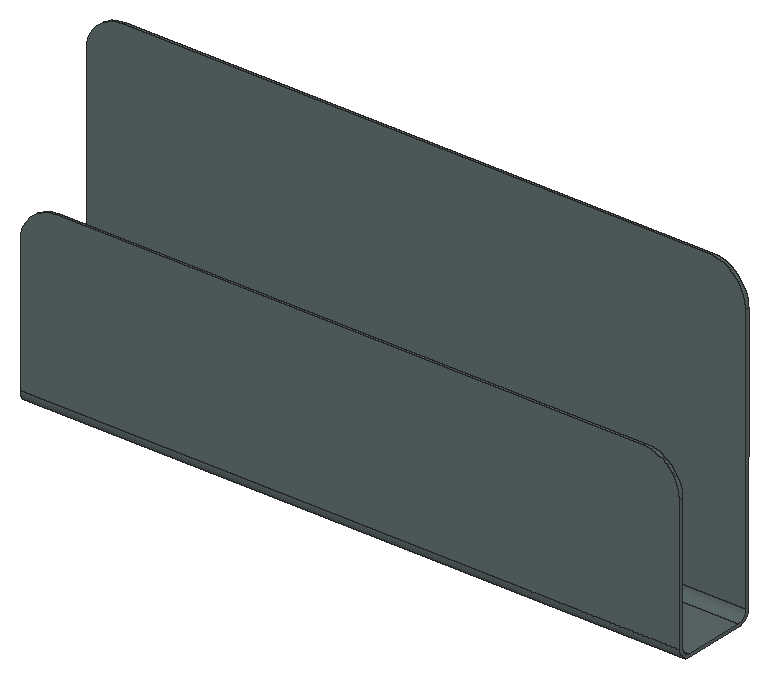
Revit family "Screen-Teknion-JNSFM-Functional_Metal-R2015", category Furniture, Revit 2015
Parameters (values of type "Standard Paint")
  Width [instance] = 27.000"
  Warranty = "http://www.teknion.com/ca/papers/legal-canada"
  Unit Weight URL = "http://www.teknion.com/ca/tools/assets#&asset=bee6a381-b954-425e-8283-5a2de3a804f2,f828d448-4b62-4231-9e5f-9a8991c0ed77"
  URL = "www.teknion.com"
  Sustainability Data = "http://www.teknion.com/ca/tools/assets#&topic=216f99a5-57a0-44fc-b10a-9dee9b29ae4c&asset=444deb64-fe58-4b68-981e-f75e97781df7"
  Series = "Expansion Cityline"  # constant formula
  Screen Finish [instance] = Paint-Accent-Teknion-11-Mineral Teal
  Product Page URL = "http://www.teknion.com/ca/products/product-details?productlineid=9ad2a26e-8e7a-673b-a6c8-ff05004460c4"
  Product Line = "Expansion Cityline"  # constant formula
  Product Documentation Link = "http://www.teknion.com/pricing/expansion-cityline/pdfs/JNSFM_ppg.pdf"
  Part Number = "JNSFM"  # constant formula
  Note [instance] = "Available Widths are: 21, 24, 27, 30, 33, 36, 39, 42, 45, 48, 54, 60, 66, 72, 78, and 84 inches."  # constant formula
  Model = "JNSFM"  # constant formula
  Manufacturer Phone = "416-661-3370"  # constant formula
  Manufacturer Fax = "416.661.4586"  # constant formula
  Manufacturer Contact Information = "http://www.teknion.com/ca/contactus"
  Manufacturer Address = "1150 Flint Road, Toronto, ON. M3J 2J5. Canada"  # constant formula
  Manufacturer = "Teknion"  # constant formula
  Description = "Functional Screen - Metal"  # constant formula
  Assembly Code = "E2020200"
Reference planes (in)
  plane 1 "Center Front/Back": y = 0
  plane 2: z = 0
  plane 3 "Center Left/Right": x = 0
  plane 4 "Left": x = -13.5
  plane 5 "Right": x = 13.5
  plane 6 "Back": y = 1.75
  plane 7 "Front": y = -1.75
  plane 8 "Top": z = 42
  plane 9: z = 29
  plane 10: y = -1.63098
  plane 11: y = 1.63098
Forms (in)
  Extrusion 1, solid, material "Paint-Accent-Teknion-11-Mineral Teal" <- "Screen Finish"
    sketch origin (0, 0, 0) x (0, 1, 0) y (0, 0, 1)
      loop
        arc (-1.25, 29.11902) -> (-1.5194, 29.2306) -> (-1.63098, 29.5) r 0.38098
        line (-1.63098, 29.5) -> (-1.63098, 36.47) -> (-1.75, 36.47) -> (-1.75, 29.5)
        arc (-1.75, 29.5) -> (-1.60355, 29.14645) -> (-1.25, 29) r 0.5
        line (-1.25, 29) -> (1.25, 29)
        arc (1.25, 29) -> (1.60355, 29.14645) -> (1.75, 29.5) r 0.5
        line (1.75, 29.5) -> (1.75, 42) -> (1.63098, 42) -> (1.63098, 29.5)
        arc (1.63098, 29.5) -> (1.5194, 29.2306) -> (1.25, 29.11902) r 0.38098
        line (1.25, 29.11902) -> (-1.25, 29.11902)
    from -13.5 to 13.5
  Extrusion 2, void
    sketch origin (0, 0, 0) x (1, 0, 0) y (0, 0, 1)
      loop
        line (-12, 36.47) -> (-13.5, 36.47) -> (-13.5, 34.97)
        arc (-13.5, 34.97) -> (-13.06066, 36.03066) -> (-12, 36.47) r 1.5
    from 0.53273 to 3.7987
  Extrusion 3, void
    sketch origin (0, 0, 0) x (-1, 0, 0) y (0, 0, -1)
      loop
        arc (-12, -36.47) -> (-13.06066, -36.03066) -> (-13.5, -34.97) r 1.5
        line (-13.5, -34.97) -> (-13.5, -36.47) -> (-12, -36.47)
    from 0.53273 to 3.7987
  Extrusion 4, void
    sketch origin (0, 0, 0) x (1, 0, 0) y (0, 0, 1)
      loop
        line (-12, 42) -> (-13.5, 42) -> (-13.5, 40.5)
        arc (-13.5, 40.5) -> (-13.06066, 41.56066) -> (-12, 42) r 1.5
    from -3.63614 to -0.68241
  Extrusion 5, void
    sketch origin (0, 0, 0) x (1, 0, 0) y (0, 0, 1)
      loop
        line (13.5, 42) -> (12, 42)
        arc (12, 42) -> (13.06066, 41.56066) -> (13.5, 40.5) r 1.5
        line (13.5, 40.5) -> (13.5, 42)
    from -3.63614 to -0.68241
Cuts and joins
  Extrusion 2, Extrusion 3, Extrusion 4, Extrusion 5 cuts Extrusion 1
Lines and regions (in)
  Masking region 1
    outline origin (0, 0, 0) x (1, 0, 0) y (0, 1, 0)
      loop
        line (-13.5, 1.75) -> (-13.5, -1.75) -> (13.5, -1.75) -> (13.5, 1.75) -> (-13.5, 1.75)
  symbolic lines, detail levels medium+fine
    curve 1: line (-13.5, 1.63098, 0) -> (13.5, 1.63098, 0)
    curve 2: line (13.5, -1.63098, 0) -> (-13.5, -1.63098, 0)
  reference lines, not visible
    curve 3: line (-13.5, 1.75, 0) -> (13.5, 1.75, 0)
    curve 4: line (-13.5, 1.75, 0) -> (-13.5, -1.75, 0)
    curve 5: line (-13.5, -1.75, 0) -> (13.5, -1.75, 0)
    curve 6: line (13.5, 1.75, 0) -> (13.5, -1.75, 0)
Dimensions and locks (in)
  "Width": plane 4 "Left" to plane 5 "Right"
  locked: plane 6 "Back" to plane 7 "Front" at 3.5
  plane 8 "Top" to level = 42.000"
  locked: Extrusion 2 sketch curve to plane 4 "Left" at 1.5
  locked: Extrusion 2 sketch curve to plane 2 at 34.97
  locked: Extrusion 3 sketch curve to plane 2 at 34.97
  locked: Extrusion 3 sketch curve to plane 5 "Right" at 1.5
  locked: plane 1 "Center Front/Back" to Extrusion 4 at 3.63614
  locked: plane 1 "Center Front/Back" to Extrusion 5 at 3.63614
  locked: Extrusion 3 to plane 1 "Center Front/Back" at 3.7987
  locked: Extrusion 2 to plane 1 "Center Front/Back" at 3.7987
  locked: Extrusion 4 sketch curve to plane 4 "Left" at 1.5
  locked: Extrusion 4 sketch curve to plane 2 at 40.5
  locked: Extrusion 5 sketch curve to plane 5 "Right" at 1.5
  locked: Extrusion 5 sketch curve to plane 2 at 40.5
  locked: plane 9 to plane 2 at 29
  equal spacing: plane 4 "Left", plane 3 "Center Left/Right", plane 5 "Right"
  locked: plane 9 to Extrusion 1 sketch curve at 7.47
  locked: plane 9 to Extrusion 1 sketch curve at 0.11902
  aligned and locked: level to plane 2
  aligned and locked: Extrusion 1 to plane 4 "Left"
  aligned and locked: Extrusion 1 to plane 5 "Right"
  aligned and locked: plane 8 "Top" to Extrusion 1
  aligned and locked: Masking region 1 sketch curve to plane 4 "Left"
  aligned and locked: Masking region 1 sketch curve to plane 6 "Back"
  aligned and locked: Masking region 1 sketch curve to plane 7 "Front"
  aligned and locked: Masking region 1 sketch curve to plane 5 "Right"
  aligned and locked: plane 10 to cut or joined group of Extrusion 1, Extrusion 2, Extrusion 3, Extrusion 4, Extrusion 5
  aligned and locked: cut or joined group of Extrusion 1, Extrusion 2, Extrusion 3, Extrusion 4, Extrusion 5 to plane 11
  aligned and locked: cut or joined group of Extrusion 1, Extrusion 2, Extrusion 3, Extrusion 4, Extrusion 5 to plane 7 "Front"
  aligned and locked: plane 7 "Front" to Extrusion 1 sketch curve
  aligned and locked: plane 10 to Extrusion 1 sketch curve
  aligned and locked: Extrusion 1 sketch curve to plane 11
  aligned and locked: Extrusion 1 sketch curve to plane 6 "Back"
  aligned and locked: plane 8 "Top" to Extrusion 1 sketch curve
  aligned and locked: Extrusion 1 sketch curve to plane 9
  aligned and locked: curve 3 to plane 6 "Back"
  aligned and locked: curve 4 to plane 4 "Left"
  aligned and locked: curve 5 to plane 7 "Front"
  aligned and locked: curve 6 to plane 5 "Right"
Automatic sketch dimensions
  Extrusion 1 sketch curve to Extrusion 1 sketch curve = 0.000"  (x2)
  Extrusion 1 sketch curve to Extrusion 1 sketch curve = 0.38098"
  Extrusion 1 sketch curve to plane 6 "Back" = 0.500"
  Extrusion 2 sketch curve to plane 4 "Left" = 0.000"  (x2)
  Extrusion 2 sketch curve to Extrusion 2 sketch curve = 1.500"
  Extrusion 2 sketch curve to Extrusion 2 sketch curve = 0.000"  (x2)
  plane 5 "Right" to Extrusion 3 sketch curve = 0.000"  (x2)
  Extrusion 3 sketch curve to Extrusion 3 sketch curve = 0.000"  (x3)
  Extrusion 4 sketch curve to plane 4 "Left" = 0.000"  (x2)
  Extrusion 4 sketch curve to plane 8 "Top" = 0.000"
  Extrusion 4 sketch curve to Extrusion 4 sketch curve = 0.000"  (x2)
  Extrusion 5 sketch curve to plane 8 "Top" = 0.000"
  plane 5 "Right" to Extrusion 5 sketch curve = 0.000"  (x2)
  Extrusion 5 sketch curve to Extrusion 5 sketch curve = 0.000"  (x2)
  curve 1 to plane 4 "Left" = 0.000"
  curve 1 to plane 5 "Right" = 0.000"
  curve 2 to plane 4 "Left" = 0.000"
  curve 2 to plane 5 "Right" = 0.000"
  curve 2 to plane 10 = 0.000"
  curve 1 to plane 11 = 0.000"
